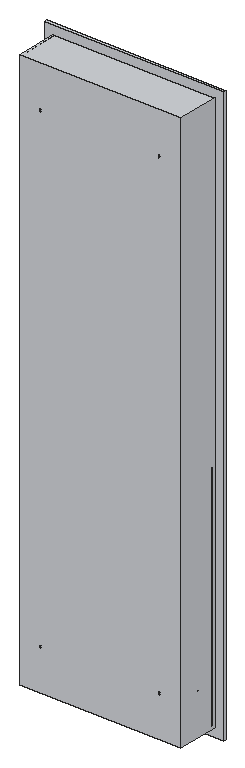
Revit family "AX9205E+0_0003", category Appareils sanitaires, Revit 2016
Family settings
  Hôte = Mur
  Type d'élément = Normal
  Cote de connecteur circulaire = Utiliser le diamètre
  Numéro OmniClass = 23.75.00.00
  Titre OmniClass = Climate Control (HVAC)
  Toujours verticalement = Oui
  Couper avec des vides une fois chargée = Non
  Partagée = Non
  Point de calcul de pièce = Non
Parameters (values of type "Type 1")
  URL = "http://www.axeuro.com"
  Modèle = "AX9205E+0"  # constant formula
  Matériaux = "\tEn inox 304 (18/10) Bactériostatique"  # constant formula
  Finition = "Brossé Poli Satiné HyperPolish"  # constant formula
  Fabricant = "Axeuro"  # constant formula
  Description = "Combiné à encastrer : distributeur d'essuie-mains et poubelle"  # constant formula
Reference planes
  plane 1 "Mur": y = 0
  plane 2 "Centre (gauche/droite)": x = 0
  plane 3 "Arrière": y = 75
Forms (mm)
  Extrusion 1, solid
    sketch origin (12.394, -110.813, 52.381) x (1, 0, 0) y (0, 0, 1)
      loop
        line (206.606, 2149.119) -> (-230.394, 2149.119) -> (-230.394, 727.119) -> (206.606, 727.119) -> (206.606, 2149.119)
      loop
        line (181.606, 752.119) -> (181.606, 2125.119) -> (-206.394, 2125.119) -> (-206.394, 752.119) -> (181.606, 752.119)
    from -192.813 to -185.813
  Extrusion 2, solid
    sketch origin (792.002, -25, -259.389) x (1, 0, 0) y (0, 0, 1)
      loop
        line (-595.002, 2439.889) -> (-989.002, 2439.889) -> (-989.002, 1059.889) -> (-595.002, 1059.889) -> (-595.002, 2439.889)
      loop
        line (-597.002, 2437.864) -> (-987.002, 2437.864) -> (-987.002, 1061.889) -> (-597.002, 1061.889) -> (-597.002, 2437.864)
    from -100 to 0
  Extrusion 3, solid
    sketch origin (0, -100, -2) x (1, 0, 0) y (0, 1, 0)
      loop
        line (-197, 73) -> (197, 73) -> (197, 75) -> (-197, 75) -> (-197, 73)
    from 802.5 to 2182.5
  Extrusion 4, void
    sketch origin (54.494, -102, 59.77) x (1, 0, 0) y (0, 0, 1)
      loop
        circle (90.506, 2018.73) r 3
    from -77.018 to -75
  Extrusion 5, void
    sketch origin (-54.494, -102, 59.77) x (-1, 0, 0) y (0, 0, -1)
      loop
        circle (90.506, -2018.73) r 3
    from -77.018 to -75
  Extrusion 6, void
    sketch origin (-54.494, -102.018, 2922.089) x (-1, 0, 0) y (0, 0, -1)
      loop
        circle (90.506, 2018.73) r 3
    from -77.018 to -75
  Extrusion 7, solid
    sketch origin (0, -101.7, 0) x (1, 0, 0) y (0, 1, 0)
      loop
        arc (-178.197, 183.7) -> (-189.441, 178.278) -> (-194, 166.658) r 17.091
        line (-194, 166.658) -> (-194, 76.7) -> (0, 76.7) -> (194, 76.7) -> (194, 166.658)
        arc (194, 166.658) -> (189.441, 178.278) -> (178.197, 183.7) r 17.091
        line (178.197, 183.7) -> (0, 183.7) -> (-178.197, 183.7)
      loop
        arc (-178.131, 182) -> (-188.216, 177.1) -> (-192.3, 166.658) r 15.391
        line (-192.3, 166.658) -> (-192.3, 78.718) -> (0, 78.718) -> (192.3, 78.718) -> (192.3, 166.658)
        arc (192.3, 166.658) -> (188.216, 177.1) -> (178.131, 182) r 15.391
        line (178.131, 182) -> (0, 182) -> (-178.131, 182)
    from 804.5 to 1394.5
  Extrusion 8, solid
    sketch origin (0, -101.7, 2) x (1, 0, 0) y (0, 1, 0)
      loop
        line (-194, 77.018) -> (0, 77.018) -> (194, 77.018) -> (194, 166.658)
        arc (194, 166.658) -> (189.441, 178.278) -> (178.197, 183.7) r 17.091
        line (178.197, 183.7) -> (0, 183.7) -> (-178.197, 183.7)
        arc (-178.197, 183.7) -> (-189.441, 178.278) -> (-194, 166.658) r 17.091
        line (-194, 166.658) -> (-194, 77.018)
    from 802.5 to 804.5
  Extrusion 9, solid
    sketch origin (0, -100, 0) x (0, 1, 0) y (0, 0, 1)
      loop
        line (75, 2178.475) -> (75, 1736.086) -> (182, 1754.207) -> (182, 2178.475) -> (75, 2178.475)
    from -194 to 194
  Extrusion 10, void
    sketch origin (1, -103.588, -69.899) x (0, 1, 0) y (0, 0, 1)
      loop
        circle (126.588, 2148.399) r 3
    from 192.3 to 196
  Extrusion 11, void
    sketch origin (-1, -103.588, -69.899) x (0, 1, 0) y (0, 0, -1)
      loop
        circle (126.588, -2148.399) r 3
    from 192.3 to 196
  Extrusion 12, void
    sketch origin (1, -103.588, -1245.04) x (0, 1, 0) y (0, 0, 1)
      loop
        circle (126.588, 2148.399) r 3
    from 192.3 to 196
  Extrusion 13, void
    sketch origin (-1, -103.588, -1245.04) x (0, 1, 0) y (0, 0, -1)
      loop
        circle (126.588, -2148.399) r 3
    from 192.3 to 196
  Revolve 14, solid
    sketch origin (157.402, -101.015, 17.924) x (0, 1, 0) y (0, 0, 1)
      loop
        line (183.015, 1951.576) -> (183.015, 1947.779) -> (188.973, 1947.779)
        arc (188.973, 1947.779) -> (186.535, 1950.527) -> (183.015, 1951.576) r 6.699
      axis (188.973, 1939.978) -> (183.015, 1939.978)
    angle from 0 to 360
  Extrusion 15, solid
    sketch origin (157.402, -26.015, 17.924) x (1, 0, 0) y (0, 0, 1)
      loop
        circle (0, 1940.019) r 7.777
    from -113.973 to -108.015
  Extrusion 16, void
    sketch origin (159.603, -26.015, 18.561) x (1, 0, 0) y (0, 0, 1)
      loop
        line (-0.713, 1944.317) -> (-3.713, 1944.317) -> (-3.713, 1934.447) -> (-0.713, 1934.447) -> (-0.713, 1944.317)
    from -113.973 to -108.015
  Revolve 17, solid, not visible
    sketch origin (162.118, 0, 18.451) x (0, 1, 0) y (0, 0, 1)
      loop
        line (183.015, 1951.576) -> (183.015, 1947.779) -> (188.973, 1947.779)
        arc (188.973, 1947.779) -> (186.535, 1950.527) -> (183.015, 1951.576) r 6.699
      axis (188.973, 1939.978) -> (183.015, 1939.978)
    angle from 0 to 360
  Extrusion 18, solid, not visible
    sketch origin (162.118, 75, 18.451) x (1, 0, 0) y (0, 0, 1)
      loop
        circle (0, 1940.019) r 7.777
    from -113.973 to -108.015
  Extrusion 19, void, not visible
    sketch origin (164.319, 75, 19.088) x (1, 0, 0) y (0, 0, 1)
      loop
        line (-0.713, 1944.317) -> (-3.713, 1944.317) -> (-3.713, 1934.447) -> (-0.713, 1934.447) -> (-0.713, 1944.317)
    from -113.973 to -108.015
  Revolve 20, solid
    sketch origin (0, -182.045, -519.974) x (0, 1, 0) y (0, 0, 1)
      loop
        line (183.015, 1951.576) -> (183.015, 1947.779) -> (188.973, 1947.779)
        arc (188.973, 1947.779) -> (186.535, 1950.527) -> (183.015, 1951.576) r 6.699
      axis (188.973, 1939.978) -> (183.015, 1939.978)
    angle from 0 to 360
  Extrusion 21, solid
    sketch origin (0, -107.045, -519.974) x (1, 0, 0) y (0, 0, 1)
      loop
        circle (0, 1940.019) r 7.777
    from -113.973 to -108.015
  Extrusion 22, void
    sketch origin (2.201, -107.045, -519.337) x (1, 0, 0) y (0, 0, 1)
      loop
        line (-0.713, 1944.317) -> (-3.713, 1944.317) -> (-3.713, 1934.447) -> (-0.713, 1934.447) -> (-0.713, 1944.317)
    from -113.973 to -108.015
  Revolve 23, solid, not visible
    sketch origin (0, 0, -534.619) x (0, 1, 0) y (0, 0, 1)
      loop
        line (183.015, 1951.576) -> (183.015, 1947.779) -> (188.973, 1947.779)
        arc (188.973, 1947.779) -> (186.535, 1950.527) -> (183.015, 1951.576) r 6.699
      axis (188.973, 1939.978) -> (183.015, 1939.978)
    angle from 0 to 360
  Extrusion 24, solid, not visible
    sketch origin (0, 75, -534.619) x (1, 0, 0) y (0, 0, 1)
      loop
        circle (0, 1940.019) r 7.777
    from -113.973 to -108.015
  Extrusion 25, void, not visible
    sketch origin (2.201, 75, -533.982) x (1, 0, 0) y (0, 0, 1)
      loop
        line (-0.713, 1944.317) -> (-3.713, 1944.317) -> (-3.713, 1934.447) -> (-0.713, 1934.447) -> (-0.713, 1944.317)
    from -113.973 to -108.015
  Revolve 26, solid, not visible
    sketch origin (0, 0, -534.619) x (0, 1, 0) y (0, 0, 1)
      loop
        line (183.015, 1951.576) -> (183.015, 1947.779) -> (188.973, 1947.779)
        arc (188.973, 1947.779) -> (186.535, 1950.527) -> (183.015, 1951.576) r 6.699
      axis (188.973, 1939.978) -> (183.015, 1939.978)
    angle from 0 to 360
  Extrusion 27, solid, not visible
    sketch origin (0, 75, -534.619) x (1, 0, 0) y (0, 0, 1)
      loop
        circle (0, 1940.019) r 7.777
    from -113.973 to -108.015
  Extrusion 28, void, not visible
    sketch origin (2.201, 75, -533.982) x (1, 0, 0) y (0, 0, 1)
      loop
        line (-0.713, 1944.317) -> (-3.713, 1944.317) -> (-3.713, 1934.447) -> (-0.713, 1934.447) -> (-0.713, 1944.317)
    from -113.973 to -108.015
  Extrusion 29, void
    sketch origin (0, -114.375, 0) x (1, 0, 0) y (0, 1, 0)
      loop
        line (-125.246, 130) -> (-8.351, 117.16)
        arc (-8.351, 117.16) -> (0, 117.096) -> (8.351, 117.16) r 546.45
        line (8.351, 117.16) -> (125.246, 130)
        arc (125.246, 130) -> (132.048, 140) -> (125.246, 150) r 10.752
        line (125.246, 150) -> (75.246, 150)
        arc (75.246, 150) -> (61.579, 150.358) -> (47.95, 151.431) r 261.137
        arc (47.95, 151.431) -> (26.164, 166.695) -> (0, 171.504) r 62.43
        arc (0, 171.504) -> (-26.164, 166.695) -> (-47.95, 151.431) r 62.43
        arc (-47.95, 151.431) -> (-61.579, 150.358) -> (-75.246, 150) r 261.137
        line (-75.246, 150) -> (-125.246, 150)
        arc (-125.246, 150) -> (-132.048, 140) -> (-125.246, 130) r 10.752
    from 1727.5 to 1862.566
  Revolve 30, solid, not visible
    sketch origin (162.118, 0, 18.451) x (0, 1, 0) y (0, 0, 1)
      loop
        line (183.015, 1951.576) -> (183.015, 1947.779) -> (188.973, 1947.779)
        arc (188.973, 1947.779) -> (186.535, 1950.527) -> (183.015, 1951.576) r 6.699
      axis (188.973, 1939.978) -> (183.015, 1939.978)
    angle from 0 to 360
  Extrusion 31, solid, not visible
    sketch origin (162.118, 75, 18.451) x (1, 0, 0) y (0, 0, 1)
      loop
        circle (0, 1940.019) r 7.777
    from -113.973 to -108.015
  Extrusion 32, void, not visible
    sketch origin (164.319, 75, 19.088) x (1, 0, 0) y (0, 0, 1)
      loop
        line (-0.713, 1944.317) -> (-3.713, 1944.317) -> (-3.713, 1934.447) -> (-0.713, 1934.447) -> (-0.713, 1944.317)
    from -113.973 to -108.015
  Revolve 33, solid, not visible
    sketch origin (0, -82.045, -534.619) x (0, 1, 0) y (0, 0, 1)
      loop
        line (183.015, 1951.576) -> (183.015, 1947.779) -> (188.973, 1947.779)
        arc (188.973, 1947.779) -> (186.535, 1950.527) -> (183.015, 1951.576) r 6.699
      axis (188.973, 1939.978) -> (183.015, 1939.978)
    angle from 0 to 360
  Extrusion 34, solid, not visible
    sketch origin (0, -7.045, -534.619) x (1, 0, 0) y (0, 0, 1)
      loop
        circle (0, 1940.019) r 7.777
    from -113.973 to -108.015
  Extrusion 35, void, not visible
    sketch origin (2.201, -7.045, -533.982) x (1, 0, 0) y (0, 0, 1)
      loop
        line (-0.713, 1944.317) -> (-3.713, 1944.317) -> (-3.713, 1934.447) -> (-0.713, 1934.447) -> (-0.713, 1944.317)
    from -113.973 to -108.015
  Extrusion 36, solid
    sketch origin (0, 0, 14.141) x (0, 1, 0) y (0, 0, 1)
      loop
        line (-25, 1385.359) -> (0.97, 1385.359) -> (0.97, 1425.359) -> (-19.831, 1722.82) -> (-25, 1721.945) -> (-25, 1385.359)
    from -194 to 194
  Extrusion 37, void
    sketch origin (54.494, -102, -1115.23) x (1, 0, 0) y (0, 0, 1)
      loop
        circle (90.506, 2018.73) r 3
    from -77.018 to -75
  Extrusion 38, void
    sketch origin (70.506, -102, -1115.23) x (-1, 0, 0) y (0, 0, -1)
      loop
        circle (90.506, 2018.73) r 3
    from -77.018 to -75
  Extrusion 39, void
    sketch origin (0, 75, 0) x (1, 0, 0) y (0, 0, 1)
      loop
        line (194, 804.5) -> (194, 2180.5) -> (-194, 2180.5) -> (-194, 804.5) -> (194, 804.5)
    from -7 to 100
Cuts and joins
  Extrusion 5, Extrusion 6, Extrusion 10, Extrusion 11, Extrusion 12, Extrusion 13, Extrusion 16 cuts Extrusion 2
  Extrusion 4, Extrusion 5, Extrusion 6, Extrusion 10, Extrusion 11, Extrusion 12, Extrusion 13, Extrusion 16, Extrusion 37 cuts Extrusion 3
  joined: Extrusion 2, Extrusion 3
  Extrusion 13, Extrusion 37, Extrusion 38 cuts Extrusion 7
  Extrusion 13, Extrusion 39 cuts Extrusion 8
  joined: Extrusion 7, Extrusion 8
  Extrusion 10, Extrusion 11, Extrusion 12, Extrusion 22, Extrusion 29, Extrusion 37, Extrusion 38 cuts Extrusion 9
  Extrusion 16, Extrusion 22 cuts Extrusion 15
  Extrusion 22 cuts Extrusion 21
  Extrusion 37, Extrusion 38 cuts Extrusion 1
Lines and regions (mm)
  reference lines
    curve 1: line (219, 75, 1687.5) -> (219, 75, 1727.5)
    curve 2: line (0, 75, 2162.5) -> (0, 82, 2162.5)
    curve 3: line (0, -27, 2162.5) -> (0, -25, 2162.5)
Text (mm)
  text "Côté de la mise en place" at (-1820.995, 1116.779, 0), in view "Niveau de réf."
  text "Côté de la mise en place" at (0, 1334.055, 2976.191), in view "Gauche"
  text "Côté de la mise en place" at (0, 439.194, 2944.362), in view "Droite"
Dimensions and locks
  locked: plane 3 "Arrière" to host wall
  aligned and locked: plane 1 "Mur" to host wall
